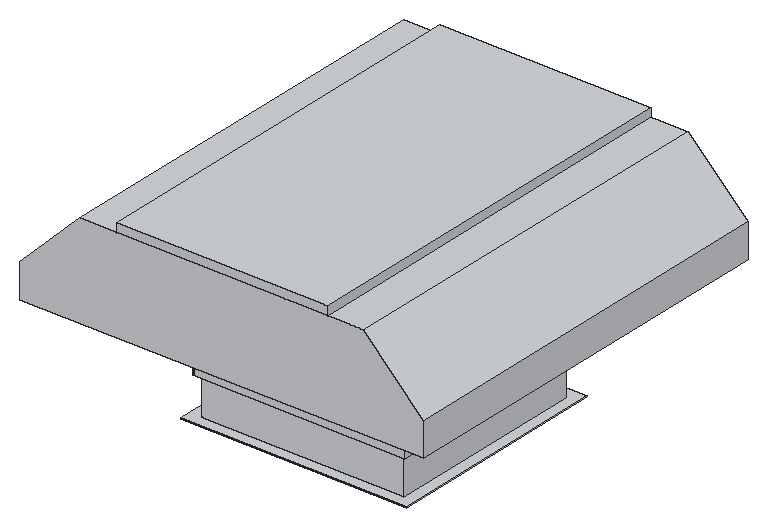
Revit family "HEF", category Mechanical Equipment, Revit 2019
Family settings
  Round Connector Dimension = Use Diameter
  Part Type = Normal
  Work Plane-Based = No
  Always vertical = Yes
  Cut with Voids When Loaded = No
  Shared = No
  Room Calculation Point = No
Parameters (values of type "24-HEF")
  RO/2 = RO / 2  # 1' - 3 3/4"
  Unit Weight [instance] = ""
  Sones [instance] = ""
  Motor RPM [instance] = ""
  Motor Enclosure [instance] = ""
  ModelID [instance] = ""
  LwA [instance] = ""
  W/2 = W / 2  # 2' - 10 1/2"
  L/2 = L / 2  # 2' - 10 1/2"
  RO = T_SQ - 0' 4 1/2"  # 2' - 7 1/2"
  T_SQ/2 = T_SQ / 2  # 1' - 6"
  Fan RPM [instance] = ""
  T_SQ = 3' - 0"
  W = 5' - 9"
  L = 5' - 9"
  CURB_HEIGHT [instance] = 0' - 9 1/2"
  CURB [instance] = yes
  C/2 = C / 2  # 0' - 5"
  C = 0' - 10"
  Brake Hp [instance] = ""
  B/2 = B / 2  # 0' - 1 1/2"
  B-.125" = B - 0' 0 1/8"  # 0' - 2 7/8"
  Accessories [instance] = ""
  A-C = A - C  # 1' - 8 1/2"
  B = 0' - 3"
  A/2 = A / 2  # 1' - 3 1/4"
  A-1.5" = A - 0' 1 1/2"  # 2' - 5"
  A = 2' - 6 1/2"
  4" = 0' - 4"  # constant formula
  2' = 2' - 0"
  2" = 0' - 2"  # constant formula
  1" = 0' - 1"  # constant formula
  0 = 0' - 0"  # constant formula
  Voltage [instance] = 0 V
  URL = "www.lorencook.com"
  Type Comments = "Hooded Filtered Supply Ventilator Extruded Aluminum Propeller Roof Mounted/Belt Drive"  # constant formula
  Static Pressure [instance] = 0.00 in-wg
  Power [instance] = Voltage * Motor FLA * sqrt(if(Phase = 3, 3, 1))  # 0 VA
  Phase [instance] = 0
  Number of Poles [instance] = 1
  Motor Hp [instance] = "0"
  Motor FLA [instance] = 0 A
  Model = "HEF"  # constant formula
  Manufacturer = "Loren Cook Company"
  CFM [instance] = 0 CFM
  1.5 = 0' - 1 1/2"  # constant formula
  ONE EIGTH = 0' - 0 1/8"  # constant formula
  -L/2 = -L / 2  # -2' - 10 1/2"
  -(C/2) = -(C / 2)  # -0' - 5"
  -(A/2) = -(A / 2)  # -1' - 3 1/4"
  (T_SQ/2)-2" = (T_SQ / 2) - 0' 2"  # 1' - 4"
  (T_SQ/2)+.125" = (T_SQ / 2) + 0' 0 1/8"  # 1' - 6 1/8"
  (A-C)/2 = (A - C) / 2  # 0' - 10 1/4"
Types (8): name | RO/2 | W/2 | L/2 | RO | T_SQ/2 | T_SQ | W | L | C/2 | C | A-C | A/2 | A-1.5" | A | -L/2 | -(C/2) | -(A/2) | (T_SQ/2)-2" | (T_SQ/2)+.125" | (A-C)/2
  (no name) | 1' - 3 3/4" | 2' - 10 1/2" | 2' - 10 1/2" | 2' - 7 1/2" | 1' - 6" | 3' - 0" | 5' - 9" | 5' - 9" | 0' - 5" | 0' - 10" | 1' - 8 1/2" | 1' - 3 1/4" | 2' - 5" | 2' - 6 1/2" | -2' - 10 1/2" | -0' - 5" | -1' - 3 1/4" | 1' - 4" | 1' - 6 1/8" | 0' - 10 1/4"
  24-HEF | 1' - 3 3/4" | 2' - 10 1/2" | 2' - 10 1/2" | 2' - 7 1/2" | 1' - 6" | 3' - 0" | 5' - 9" | 5' - 9" | 0' - 5" | 0' - 10" | 1' - 8 1/2" | 1' - 3 1/4" | 2' - 5" | 2' - 6 1/2" | -2' - 10 1/2" | -0' - 5" | -1' - 3 1/4" | 1' - 4" | 1' - 6 1/8" | 0' - 10 1/4"
  30-HEF | 1' - 6 3/4" | 3' - 4" | 3' - 4" | 3' - 1 1/2" | 1' - 9" | 3' - 6" | 6' - 8" | 6' - 8" | 0' - 5" | 0' - 10" | 1' - 11" | 1' - 4 1/2" | 2' - 7 1/2" | 2' - 9" | -3' - 4" | -0' - 5" | -1' - 4 1/2" | 1' - 7" | 1' - 9 1/8" | 0' - 11 1/2"
  36-HEF | 1' - 9 3/4" | 3' - 9" | 3' - 9" | 3' - 7 1/2" | 2' - 0" | 4' - 0" | 7' - 6" | 7' - 6" | 0' - 5" | 0' - 10" | 2' - 4" | 1' - 7" | 3' - 0 1/2" | 3' - 2" | -3' - 9" | -0' - 5" | -1' - 7" | 1' - 10" | 2' - 0 1/8" | 1' - 2"
  42-HEF | 2' - 0 3/4" | 3' - 9" | 4' - 7" | 4' - 1 1/2" | 2' - 3" | 4' - 6" | 7' - 6" | 9' - 2" | 0' - 6 3/4" | 1' - 1 1/2" | 2' - 4" | 1' - 8 3/4" | 3' - 4" | 3' - 5 1/2" | -4' - 7" | -0' - 6 3/4" | -1' - 8 3/4" | 2' - 1" | 2' - 3 1/8" | 1' - 2"
  48-HEF | 2' - 3 3/4" | 4' - 6 1/2" | 4' - 7 1/2" | 4' - 7 1/2" | 2' - 6" | 5' - 0" | 9' - 1" | 9' - 3" | 0' - 7 3/8" | 1' - 2 3/4" | 2' - 5 3/4" | 1' - 10 1/4" | 3' - 7" | 3' - 8 1/2" | -4' - 7 1/2" | -0' - 7 3/8" | -1' - 10 1/4" | 2' - 4" | 2' - 6 1/8" | 1' - 2 7/8"
  54-HEF | 2' - 6 3/4" | 4' - 11 1/2" | 5' - 0 1/2" | 5' - 1 1/2" | 2' - 9" | 5' - 6" | 9' - 11" | 10' - 1" | 0' - 7 3/8" | 1' - 2 3/4" | 2' - 5 3/4" | 1' - 10 1/4" | 3' - 7" | 3' - 8 1/2" | -5' - 0 1/2" | -0' - 7 3/8" | -1' - 10 1/4" | 2' - 7" | 2' - 9 1/8" | 1' - 2 7/8"
  60-HEF | 2' - 9 3/4" | 4' - 11 1/2" | 6' - 1" | 5' - 7 1/2" | 3' - 0" | 6' - 0" | 9' - 11" | 12' - 2" | 0' - 7 3/8" | 1' - 2 3/4" | 2' - 5 3/4" | 1' - 10 1/4" | 3' - 7" | 3' - 8 1/2" | -6' - 1" | -0' - 7 3/8" | -1' - 10 1/4" | 2' - 10" | 3' - 0 1/8" | 1' - 2 7/8"
Reference planes (in)
  plane 1 "Center (Front/Back)": y = 0
  plane 2: z = 0
  plane 3 "Center (Left/Right)": x = 0.40541
Forms (in)
  Extrusion 1, solid
    sketch origin (0, 0, 0) x (1, 0, 0) y (0, 1, 0)
      loop
        line (-17.71959, 18.125) -> (-17.71959, -18.125) -> (18.53041, -18.125) -> (18.53041, 18.125) -> (-17.71959, 18.125)
    from 0 to 3 <- "B"
  Extrusion 2, void
    sketch origin (0, 0, 0) x (1, 0, 0) y (0, 1, 0)
      loop
        line (-17.59459, 18) -> (-17.59459, -18) -> (18.40541, -18) -> (18.40541, 18) -> (-17.59459, 18)
    from 0 to 2.875 <- "B-.125""
  Revolve 3, solid
    sketch origin (0, 0, 0) x (1, 0, 0) y (0, 0, 1)
      loop
        line (0.40541, 3) -> (16.40541, 3)
        arc (16.40541, 3) -> (11.40541, 8) -> (16.40541, 13) r 5
        line (16.40541, 13) -> (0.40541, 13) -> (0.40541, 3)
      axis (0.40541, 13) -> (0.40541, 3)
    angle from 0 to 360
  Extrusion 4, solid
    sketch origin (0, 0, 0) x (1, 0, 0) y (0, 0, 1)
      loop
        line (-34.09459, 13) -> (34.90541, 13) -> (34.90541, 29) -> (-34.09459, 29) -> (-34.09459, 13)
    from -34.5 <- "-L/2" to 34.5 <- "L/2"
  Extrusion 5, solid
    sketch origin (0, 0, 0) x (1, 0, 0) y (0, 0, 1)
      loop
        line (-17.59459, 29) -> (18.40541, 29) -> (18.40541, 30.5) -> (-17.59459, 30.5) -> (-17.59459, 29)
    from 34.5 <- "L/2" to -34.5 <- "-L/2"
  Extrusion 6, void
    sketch origin (0, 0, 0) x (1, 0, 0) y (0, 0, 1)
      loop
        line (24.65541, 29) -> (34.90541, 18.75) -> (34.90541, 29) -> (24.65541, 29)
      loop
        line (-23.84459, 29) -> (-34.09459, 29) -> (-34.09459, 18.75) -> (-23.84459, 29)
    from 34.5 <- "L/2" to -34.5 <- "-L/2"
  Extrusion 7, solid, visible <- "CURB"
    sketch origin (0, 0, 2.875) x (0, 1, 0) y (1, 0, 0)
      loop
        line (15.75, -15.34459) -> (15.75, 16.15541) -> (-15.75, 16.15541) -> (-15.75, -15.34459) -> (15.75, -15.34459)
      loop
        line (-17.25, 17.65541) -> (-17.25, -16.84459) -> (17.25, -16.84459) -> (17.25, 17.65541) -> (-17.25, 17.65541)
    from 0 to 9.5 <- "CURB_HEIGHT"
  Extrusion 8, solid, visible <- "CURB"
    sketch origin (0, 0, -6.625) x (-1, 0, 0) y (0, 1, 0)
      loop
        line (-17.65541, 17.25) -> (-17.65541, -17.25) -> (16.84459, -17.25) -> (16.84459, 17.25) -> (-17.65541, 17.25)
      loop
        line (18.84459, -19.25) -> (18.84459, 19.25) -> (-19.65541, 19.25) -> (-19.65541, -19.25) -> (18.84459, -19.25)
    from 0 to -0.125
Cuts and joins
  Extrusion 2 cuts Extrusion 1
  Extrusion 6 cuts Extrusion 4
  Extrusion 6 cuts Extrusion 5
Dimensions and locks (in)
  "(T_SQ/2)+.125"": Extrusion 1 sketch curve to plane 3 "Center (Left/Right)"
  "(T_SQ/2)+.125"": plane 3 "Center (Left/Right)" to Extrusion 1 sketch curve
  "(T_SQ/2)+.125"": plane 1 "Center (Front/Back)" to Extrusion 1 sketch curve
  "(T_SQ/2)+.125"": Extrusion 1 sketch curve to plane 1 "Center (Front/Back)"
  "T_SQ/2": Extrusion 2 sketch curve to plane 3 "Center (Left/Right)"
  "T_SQ/2": plane 3 "Center (Left/Right)" to Extrusion 2 sketch curve
  "T_SQ/2": plane 1 "Center (Front/Back)" to Extrusion 2 sketch curve
  "T_SQ/2": Extrusion 2 sketch curve to plane 1 "Center (Front/Back)"
  "C": Revolve 3 sketch curve to cut or joined group of Extrusion 1, Extrusion 2
  "(T_SQ/2)-2"": Revolve 3 sketch curve to plane 3 "Center (Left/Right)"
  "0": Revolve 3 sketch curve to plane 3 "Center (Left/Right)"  (x2)
  "0": Revolve 3 sketch curve to cut or joined group of Extrusion 1, Extrusion 2
  "A-1.5"": Extrusion 4 sketch curve to level
  "0": Extrusion 4 sketch curve to Revolve 3
  "W/2": Extrusion 4 sketch curve to plane 3 "Center (Left/Right)"  (x2)
  "0": Extrusion 5 sketch curve to Extrusion 4
  "1.5": Extrusion 5 sketch curve to Extrusion 5 sketch curve
  "T_SQ/2": Extrusion 5 sketch curve to plane 3 "Center (Left/Right)"
  "T_SQ/2": plane 3 "Center (Left/Right)" to Extrusion 5 sketch curve
  "0": Extrusion 6 sketch curve to Extrusion 4  (x3)
  "0": Extrusion 4 to Extrusion 6 sketch curve
  "(A-C)/2": Extrusion 6 sketch curve to Extrusion 6 sketch curve  (x4)
  "1.5": Extrusion 7 sketch curve to Extrusion 7 sketch curve  (x4)
  "RO/2": plane 1 "Center (Front/Back)" to Extrusion 7 sketch curve
  "RO/2": Extrusion 7 sketch curve to plane 1 "Center (Front/Back)"
  "RO/2": plane 3 "Center (Left/Right)" to Extrusion 7 sketch curve
  "RO/2": Extrusion 7 sketch curve to plane 3 "Center (Left/Right)"
  "2"": Extrusion 8 sketch curve to Extrusion 8 sketch curve  (x4)
  "0": Extrusion 8 sketch curve to Extrusion 7  (x3)
  "0": Extrusion 7 to Extrusion 8 sketch curve
Automatic sketch dimensions
  Revolve 3 sketch curve to level = 0' - 4"
  Revolve 3 sketch curve to Revolve 3 sketch curve = 0' - 0"
Connectors (in)
  hvac at (0.40541, 0, 2.875), driven by "RO", driven by "RO", driven by "CFM"
    settings: on cut or joined group of Extrusion 1, Extrusion 2, index 1, duct flow 0 CFM, flow factor 0, pres drop 0.00 in-wg, loss coef 0, conn angle 0.00°, conn width 31 1/2", conn height 31 1/2", conn diameter 24", duct sys type 1, conn prof type 1, flow config 0, flow direction 2, loss method 0, conn ref index -1, conn util no, is conn primary yes, conn desc ""
  electrical at (0.40541, 0, 2.875)
    settings: on cut or joined group of Extrusion 1, Extrusion 2, index 2, voltage 0 V, apparent load 0 VA, apparent load phase1 0 VA, apparent load phase2 0 VA, apparent load phase3 0 VA, power factor 1, load classification "Other", number of poles 1, system type 30, power factor state 1, is connector primary yes, connector utility no, sub classification motor no, connector description ""
